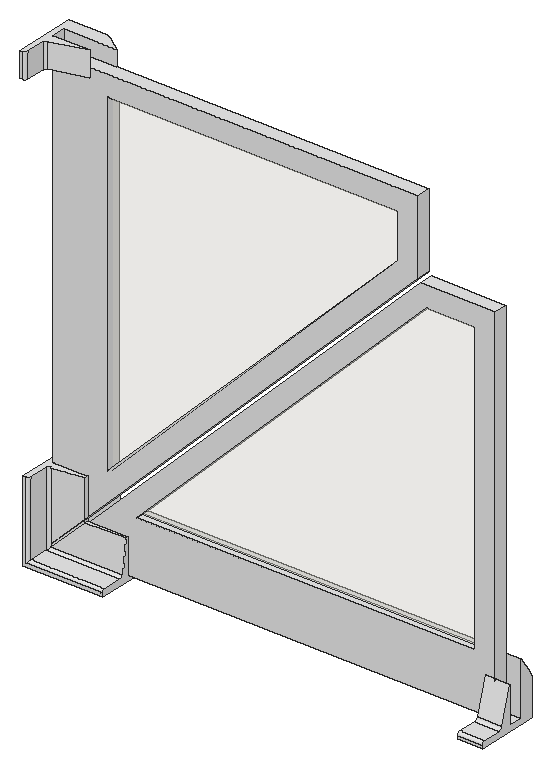
Revit family "Light_Shelf-Corner-Kawneer-InLighten", category Specialty Equipment, host Face, Revit 2015
Parameters (values of type "4mm Monolithic-Polycarbonate-Sheet Corner")
  URL = "http://www.kawneer.com/kawneer/north_america/en/home.asp"
  Type Comments = "4mm Monolithic Polycarbonate"
  Trim Finish = Aluminum Composite - Kawneer - Bone White
  Top Offset [instance] = 0' - 0"
  Top Finish [instance] = Polycarbonate - Kawneer - 4 mm - Ice
  Show Right Anchor [instance] = yes
  Show Top Anchor [instance] = yes
  Right Offset [instance] = 0' - 0"
  Product data url = "https://bimobject.com/kawneerna/product/04316"
  Product Page URL = "http://www.kawneer.com/kawneer/north_america/en/product.asp?cat_id=1463&prod_id=1852"
  Product Documentation Link = "http://www.kawneer.com/kawneer/north_america/catalog/pdf/InLighten__E--A.pdf"
  Panel Type = Shelf-Kawneer-4mm_Monolithic-Polycarbonate-Sheet_Corner : 4 mm
  Panel Finish = Polycarbonate - Kawneer - 4 mm - Ice
  OmniClass Title = "Curtain Wall Components"  # constant formula
  OmniClass Number = "23.25.20.14.11.11"  # constant formula
  Model = "InLighten"  # constant formula
  Manufacturer = "Kawneer "  # constant formula
  Description = "Light Shelf 90 Degree Corner"  # constant formula
  Depth [instance] = 2' - 6"
  Default Elevation = 4' - 0"
  Copyright © = "2012 Kawneer "  # constant formula
  CTRL Geometry [instance] = if(1 = 1, CTRL Depth + 0' 6" - 0' 0 1/8", CTRL Depth + 0' 6" - 0' 0 1/4")  # 2' - 11 7/16"
  CTRL Depth [instance] = if(Depth > 2' 6", 2' 6" - 0' 0 7/16", if(Depth < 0' 10", 0' 10" - 0' 0 7/16", Depth - 0' 0 7/16"))  # 2' - 5 9/16"
  Bracket Material = Aluminum Composite - Kawneer - Bone White
  Bottom Finish [instance] = Aluminum Composite - Kawneer - Bone White
Types (4): name | Type Comments | Top Finish | Panel Type | Panel Finish | Depth
  (no name) | "4 mm Reynobond ACM Panel" | Aluminum Composite - Kawneer - Bone White | Shelf-Kawneer-4mm_Reynobond-ACM Panel_Corner : 4 mm | Aluminum Composite - Kawneer - Bone White | 3' - 0"
  16mm Multi-Layer-Extruded-Polycarbonate-Sheet Corner | "16mm Multi Layer Extruded Polycarbonate" | Polycarbonate - Kawneer - 16 mm - Ice | Shelf-Kawneer-16mm_Multi-Layer-Extruded-Polycarbonate-Sheet_Corner : 16 mm | Polycarbonate - Kawneer - 16 mm - Ice | 2' - 6"
  4mm Reynobond-ACM Panel Corner | "4 mm Reynobond ACM Panel" | Aluminum Composite - Kawneer - Bone White | Shelf-Kawneer-4mm_Reynobond-ACM Panel_Corner : 4 mm | Aluminum Composite - Kawneer - Bone White | 3' - 0"
  4mm Monolithic-Polycarbonate-Sheet Corner | "4mm Monolithic Polycarbonate" | Polycarbonate - Kawneer - 4 mm - Ice | Shelf-Kawneer-4mm_Monolithic-Polycarbonate-Sheet_Corner : 4 mm | Polycarbonate - Kawneer - 4 mm - Ice | 2' - 6"
Reference planes (in)
  plane 1 "Center (Front/Back)": y = 0
  plane 2: z = 0
  plane 3 "Center (Left/Right)": x = 3.30772
  plane 4 "Bracket Bottom": z = 0
  plane 5 "Right": x = 39.18272
  plane 6 "Bottom of Panel": z = 0.4519
  plane 7 "Top": z = 35.8894
  plane 8 "CTRL Right Geometry": x = 39.18272
  plane 9 "CTRL Top Geometry": z = 35.8894
  plane 10 "Bottom of Top Panel": x = 3.74522
  plane 11 "Top of Right Panel": z = 30.0144
  plane 12 "Right of Top Panel": x = 33.30772
Dimensions and locks (in)
  locked: plane 4 "Bracket Bottom" to plane 2 at 0
  locked: plane 6 "Bottom of Panel" to plane 4 "Bracket Bottom" at 0.4519  (x2)
  "CTRL Geometry": plane 8 "CTRL Right Geometry" to plane 10 "Bottom of Top Panel"
  "Right Offset": plane 5 "Right" to plane 8 "CTRL Right Geometry"
  "Top Offset": plane 7 "Top" to plane 9 "CTRL Top Geometry"
  locked: plane 10 "Bottom of Top Panel" to plane 3 "Center (Left/Right)" at 0.4375
  "CTRL Geometry": plane 9 "CTRL Top Geometry" to plane 6 "Bottom of Panel"
  "CTRL Depth": plane 12 "Right of Top Panel" to plane 10 "Bottom of Top Panel"
  "CTRL Depth": plane 11 "Top of Right Panel" to plane 6 "Bottom of Panel"
  aligned and locked: plane 2 to host face
  aligned and locked: level to host face
  aligned: plane 5 "Right" to nested 1
  aligned: plane 1 "Center (Front/Back)" to nested 1
  aligned and locked: plane 4 "Bracket Bottom" to nested 1
  aligned and locked: plane 6 "Bottom of Panel" to nested 1
  aligned and locked: plane 1 "Center (Front/Back)" to nested 1
  aligned: nested 2 to plane 5 "Right"
  aligned: plane 1 "Center (Front/Back)" to nested 2
  aligned: plane 6 "Bottom of Panel" to nested 2  (x11)
  aligned: nested 2 to plane 3 "Center (Left/Right)"  (x2)
  aligned: plane 5 "Right" to nested 2  (x9)
  aligned: plane 7 "Top" to nested 2  (x9)
  aligned and locked: plane 1 "Center (Front/Back)" to nested 2
  aligned: nested 2 to plane 10 "Bottom of Top Panel"  (x12)
  aligned and locked: nested 3 to plane 3 "Center (Left/Right)"
  aligned: nested 3 to plane 7 "Top"
  aligned and locked: nested 3 to plane 1 "Center (Front/Back)"
  aligned and locked: plane 4 "Bracket Bottom" to nested 4
  aligned and locked: nested 4 to plane 3 "Center (Left/Right)"
  aligned and locked: plane 1 "Center (Front/Back)" to nested 4
  aligned and locked: plane 4 "Bracket Bottom" to plane 2
  aligned and locked: nested 3 to nested 2
  aligned and locked: nested 1 to nested 2
  aligned and locked: plane 6 "Bottom of Panel" to nested 2
  aligned and locked: nested 2 to plane 10 "Bottom of Top Panel"
Automatic sketch dimensions
  host sketch curve to host sketch curve = 8' - 0"  (x2)
Nested families (in)
  nested 1: "Bracket-Kawnee" at (39.80772, -0.875, 0), visible <- "Show Right Anchor", type "Single"
  nested 2: "Shelf-Kawneer-4mm_Monolithic-Polycarbonate-Sheet_Corner" at (18.87022, 0, 0.4519), Height <- "Depth", Top Offset <- "Top Offset", Right Offset <- "Right Offset", type <- "Panel Type", type "4 mm"
    with Top Offset 0' - 0", Right Offset 0' - 0", Max Top Offset 0' - 0", Max Right Offset 0' - 0", Height 2' - 6", CTRL Top Offset 2' - 10 5/32", CTRL Right Offset 2' - 10 5/32", CTRL Height 2' - 5 9/16", CTRL Geometry 3' - 0 1/16"
  nested 3: "Bracket-Kawnee" at (3.30772, -0.875, 36.5144) x (0, 0, 1) z (1, 0, 0), visible <- "Show Top Anchor", type "Single"
  nested 4: "Bracket-Kawnee_Corner" at (6.55772, -0.875, 0), type "5""
Definition of nested family "Bracket-Kawnee"
  Parameters
    Width = 0' - 5"
    Thickness = 0' - 2"
    Height = 2' - 6"
    Default Elevation = 4' - 0"
    Assembly Code = ""
    Anchor Material = none
  Reference planes (in)
    plane 1 "Center (Front/Back)": y = 0
    plane 2 "Original Bottom": z = 0
    plane 3 "Center (Left/Right)": x = 0
    plane 4 "Left": x = -1
    plane 5 "Right": x = 1
    plane 6 "Front": y = -2.5
    plane 7 "Back": y = 2.5
    plane 8 "Top of Anchor": z = 5
    plane 9 "Bottom": z = 0
    plane 10 "Symbolic Line": z = 3.3966
    plane 11 "Top of Anchor Bolts": z = 0.4519
    plane 12 "Right of Shelf": y = 1.432
    plane 13 "Left of Shelf": y = 0.318
    plane 14 "Front Symbolic Line": y = -0.50177
    plane 15 "Center of Blade": y = 0.875
    plane 16 "Top": z = 30
  Forms (in)
    Sweep 1, solid, material <- "Anchor Material", detail levels medium+fine
      path origin (1.5, 2.5, -0.04476) x (-1, 0, 0) y (0, 0, 1)
        loop
          line (0.5, 5.45984) -> (2.5, 5.45984)
      profile origin (0, 2.5, 5.41509) x (0, 0, -1) y (0, -1, 0)
        loop
          line (5.41509, 5) -> (5.21319, 5)
          arc (5.21319, 5) -> (5.03641, 4.92678) -> (4.96319, 4.75) r 0.25
          line (4.96319, 4.75) -> (4.96319, 4.42752) -> (4.96319, 3.32766) -> (4.96319, 3.25)
          arc (4.96319, 3.25) -> (4.90016, 3.08404) -> (4.74285, 3.00177) r 0.25
          line (4.74285, 3.00177) -> (2.01849, 2.182) -> (4.96319, 2.182) -> (4.96319, 1.068) -> (0.67391, 1.068) -> (2.02187, 0.15446)
          arc (2.02187, 0.15446) -> (2.2619, 0.03948) -> (2.52511, 0) r 0.897
          line (2.52511, 0) -> (5.41509, 0) -> (5.41509, 5)
  Lines and regions (in)
    Masking region 1
      outline origin (0, 2.5, 0) x (-1, 0, 0) y (0, 0, 1)
        loop
          line (-1, 5) -> (-1, 0) -> (1, 0) -> (1, 5) -> (-1, 5)
    Masking region 2
      outline origin (0, 0, 0) x (0, 1, 0) y (0, 0, 1)
        loop
          line (2.34554, 3.39321) -> (1.432, 4.74118) -> (1.432, 0.4519) -> (0.318, 0.4519) -> (0.318, 3.3966) -> (-0.50177, 0.67224)
          arc (-0.50177, 0.67224) -> (-0.58404, 0.51493) -> (-0.75, 0.4519) r 0.25
          line (-0.75, 0.4519) -> (-2.25, 0.4519)
          arc (-2.25, 0.4519) -> (-2.42678, 0.37867) -> (-2.5, 0.2019) r 0.25
          line (-2.5, 0.2019) -> (-2.5, 0) -> (2.5, 0) -> (2.5, 2.88998)
          arc (2.5, 2.88998) -> (2.46052, 3.15318) -> (2.34554, 3.39321) r 0.897
    Masking region 3
      outline origin (0, 0, 0) x (1, 0, 0) y (0, 1, 0)
        loop
          line (1, 2.5) -> (-1, 2.5) -> (-1, -2.5) -> (1, -2.5) -> (1, 2.5)
    symbolic lines, detail levels fine
      curve 1: line (-1, 2.5, 3.3966) -> (1, 2.5, 3.3966)
      curve 2: line (-1, 2.5, 0.4519) -> (1, 2.5, 0.4519)
      curve 3: line (-1, 1.432, 0) -> (1, 1.432, 0)
      curve 4: line (-1, 0.318, 0) -> (1, 0.318, 0)
      curve 5: line (-1, -0.50177, 0) -> (1, -0.50177, 0)
      curve 6: line (1, 0.318, 0.4519) -> (1, 1.432, 0.4519)
      curve 7: line (-1, 0.318, 0.4519) -> (-1, 1.432, 0.4519)
    model lines, detail levels coarse
      curve 8: line (1, 2.5, 0) -> (-1, 2.5, 0)
      curve 9: line (1, -2.5, 0) -> (1, 2.5, 0)
      curve 10: line (-1, -2.5, 0) -> (1, -2.5, 0)
      curve 11: line (-1, 2.5, 0) -> (-1, -2.5, 0)
  Dimensions and locks (in)
    "Thickness": plane 4 "Left" to plane 5 "Right"
    equal spacing: plane 5 "Right", plane 3 "Center (Left/Right)", plane 4 "Left"
    equal spacing: plane 6 "Front", plane 1 "Center (Front/Back)", plane 7 "Back"
    "Width": plane 6 "Front" to plane 7 "Back"
    locked: plane 11 "Top of Anchor Bolts" to plane 9 "Bottom" at 0.4519
    locked: plane 13 "Left of Shelf" to plane 12 "Right of Shelf" at 1.114
    equal spacing: plane 13 "Left of Shelf", plane 15 "Center of Blade", plane 12 "Right of Shelf"
    locked: plane 8 "Top of Anchor" to plane 10 "Symbolic Line" at 1.6034
    locked: plane 1 "Center (Front/Back)" to plane 13 "Left of Shelf" at 0.318
    locked: plane 8 "Top of Anchor" to plane 9 "Bottom" at 5
    "Height": plane 16 "Top" to plane 9 "Bottom"
    aligned: plane 9 "Bottom" to plane 2 "Original Bottom"
    aligned and locked: plane 9 "Bottom" to plane 2 "Original Bottom"
    aligned and locked: plane 5 "Right" to Sweep 1 sketch curve
    aligned and locked: plane 4 "Left" to Sweep 1 sketch curve
    aligned: plane 8 "Top of Anchor" to Sweep 1  (x2)
    aligned and locked: Sweep 1 sketch curve to plane 9 "Bottom"
    aligned and locked: Sweep 1 sketch curve to profile plane
    aligned and locked: Sweep 1 sketch curve to plane 6 "Front"
    aligned and locked: plane 8 "Top of Anchor" to Masking region 1 sketch curve
    aligned and locked: plane 5 "Right" to Masking region 1 sketch curve
    aligned and locked: plane 4 "Left" to Masking region 1 sketch curve
    aligned and locked: Masking region 1 sketch curve to plane 9 "Bottom"
    aligned and locked: curve 1 to plane 10 "Symbolic Line"
    aligned and locked: curve 2 to plane 11 "Top of Anchor Bolts"
    aligned and locked: Masking region 2 sketch curve to Sweep 1  (x6)
    aligned and locked: Masking region 3 sketch curve to plane 7 "Back"
    aligned and locked: Masking region 3 sketch curve to plane 6 "Front"
    aligned and locked: plane 5 "Right" to Masking region 3 sketch curve
    aligned and locked: plane 4 "Left" to Masking region 3 sketch curve
    aligned and locked: plane 14 "Front Symbolic Line" to curve 5
    aligned and locked: plane 13 "Left of Shelf" to curve 4
    aligned and locked: plane 12 "Right of Shelf" to curve 3
    aligned and locked: curve 6 to plane 11 "Top of Anchor Bolts"
    aligned and locked: curve 7 to plane 11 "Top of Anchor Bolts"
    aligned and locked: plane 11 "Top of Anchor Bolts" to Masking region 2 sketch curve
    aligned and locked: plane 12 "Right of Shelf" to Masking region 2 sketch curve
    aligned and locked: plane 11 "Top of Anchor Bolts" to Sweep 1 sketch curve
    aligned and locked: Sweep 1 sketch curve to plane 13 "Left of Shelf"
    aligned and locked: Sweep 1 sketch curve to plane 12 "Right of Shelf"
    aligned and locked: plane 4 "Left" to curve 11
    aligned and locked: curve 8 to plane 7 "Back"
    aligned and locked: plane 5 "Right" to curve 9
    aligned and locked: curve 10 to plane 6 "Front"
  Automatic sketch dimensions
    curve 1 to plane 5 "Right" = 0' - 0"
    curve 2 to plane 5 "Right" = 0' - 0"
    plane 4 "Left" to curve 2 = 0' - 0"
    plane 4 "Left" to curve 1 = 0' - 0"
    Sweep 1 sketch curve to plane 8 "Top of Anchor" = 0' - 0.41509"
    Masking region 2 sketch curve to plane 10 "Symbolic Line" = 0' - 0.00338"
    Masking region 2 sketch curve to plane 8 "Top of Anchor" = 0' - 0.25882"
    Sweep 1 sketch curve to Sweep 1 sketch curve = 0' - 0.4519"
    Sweep 1 sketch curve to Sweep 1 sketch curve = 0' - 0.22034"
    Sweep 1 sketch curve to Sweep 1 sketch curve = 0' - 0 1/4"
    Sweep 1 sketch curve to profile plane = 0' - 2.52511"
    plane 7 "Back" to Sweep 1 sketch curve = 0' - 0.15446"
    Sweep 1 sketch curve to Sweep 1 sketch curve = 0' - 0.50323"
    Sweep 1 sketch curve to Sweep 1 sketch curve = 0' - 0.50662"
    Sweep 1 sketch curve to profile plane = 0' - 0.67391"
    Sweep 1 sketch curve to Sweep 1 sketch curve = 0' - 0.2019"
    Sweep 1 sketch curve to Sweep 1 sketch curve = 0' - 0.81977"
    Sweep 1 sketch curve to Sweep 1 sketch curve = 0' - 0.07766"
    Sweep 1 sketch curve to Sweep 1 sketch curve = 0' - 0.32248"
    curve 6 to plane 13 "Left of Shelf" = 0' - 0"
    curve 7 to plane 13 "Left of Shelf" = 0' - 0"
    curve 6 to plane 12 "Right of Shelf" = 0' - 0"
    curve 7 to plane 12 "Right of Shelf" = 0' - 0"
Definition of nested family "Shelf-Kawneer-4mm_Monolithic-Polycarbonate-Sheet_Corner"
  Parameters
    Top Shelf Material = none
    Top Offset [instance] = 0' - 0"
    Right Offset [instance] = 0' - 0"
    Max Top Offset [instance] = if(Top Offset > 5' 0", 5' 0", Top Offset)  # 0' - 0"
    Thickness = 0' - 1 23/256"  # constant formula
    Shelf Casing Material = none
    Max Right Offset [instance] = if(Right Offset > 5' 0", 5' 0", Right Offset)  # 0' - 0"
    Height [instance] = 2' - 6"
    Shelf Thickness = 0' - 0 5/32"
    CTRL Top Offset [instance] = CTRL Geometry + Max Top Offset - 0' 1 29/32"  # 2' - 10 5/32"
    CTRL Right Offset [instance] = CTRL Geometry + Max Right Offset - 0' 1 29/32"  # 2' - 10 5/32"
    CTRL Geometry [instance] = CTRL Height + 0' 6 1/2"  # 3' - 0 1/16"
    Bottom Shelf Materials = none
    CTRL Height [instance] = if(Height > 2' 6", 2' 6" - 0' 0 7/16", if(Height < 0' 10", 0' 10" - 0' 0 7/16", Height - 0' 0 7/16"))  # 2' - 5 9/16"
  Reference planes (in)
    plane 1 "Center (Front/Back)": y = 0
    plane 2 "Original Bottom": z = 0
    plane 3 "Center (Left/Right)": x = 0
    plane 4 "Left 1": x = -15.125
    plane 5 "Right 1": x = 14.4375
    plane 6 "Front": y = -0.54492
    plane 7 "Back": y = 0.54492
    plane 8 "Left of Right Outrigger": x = 12.78125
    plane 9 "Right of Left Outrigger": x = -10.6875
    plane 10 "Front of Shelf": y = -0.07813
    plane 11 "Back of Shelf": y = 0.07812
    plane 12 "CTRL Angle": z = 29.7982
    plane 13 "CTRL offset": z = 30.48424
    plane 14 "Top of Right Panel": x = -14.8893
    plane 15: z = 4.4375
    plane 16 "Top of Bottom Panel": z = 29.5625
    plane 17: z = 0.2357
    plane 18 "CTRL Hinge Angle 1": z = 7.0262
    plane 19 "Front of Outrigger": x = 19.03125
    plane 20 "Right Of Bottom Panel": x = 20.6875
    plane 21 "Top": z = 35.8125
    plane 22 "Bottom of Outrigger": z = 34.15625
    plane 23 "CTRL Top Geometry": z = 36.0625
    plane 24 "CTRL Bottom Geometry": x = 20.9375
    plane 25 "Right of Offset": x = 20.9375
    plane 26 "Top Offset": z = 36.0625
    plane 27: x = 14.6732
    plane 28 "Right Angle Offset": x = 15.15967
    plane 29 "Bottom of Fascia": z = 27.92764
    plane 30 "Hinge Angle 2": x = -8.33048
  Forms (in)
    Extrusion 1, solid, material <- "Shelf Casing Material", detail levels medium+fine
      sketch origin (0, 0.54492, 0.2357) x (-1, 0, 0) y (0, 0, -1)
        loop
          line (15.125, -35.5768) -> (15.125, 0) -> (-14.4375, -29.5625) -> (-14.4375, -35.5768) -> (15.125, -35.5768)
        loop
          line (10.6875, -6.7905) -> (-12.78125, -30.25925) -> (-12.78125, -33.92055) -> (10.6875, -33.92055) -> (10.6875, -6.7905)
      from 0 to 1.08984
    Extrusion 2, solid, material <- "Top Shelf Material", detail levels medium+fine
      sketch origin (0, 0.54492, 0) x (-1, 0, 0) y (0, 0, -1)
        loop
          line (-12.78125, -30.48424) -> (-12.78125, -34.15625) -> (10.6875, -34.15625) -> (10.6875, -6.7905) -> (-12.78125, -30.48424)
      from 0.4668 to 0.62305
    Extrusion 3, solid, material <- "Shelf Casing Material", detail levels medium+fine
      sketch origin (-14.85951, 0.54492, 15.15479) x (0, 0, -1) y (1, 0, 0)
        loop
          line (15.15479, 35.54701) -> (-14.40771, 35.54701) -> (-14.40771, 29.53271) -> (15.15479, -0.02979) -> (15.15479, 35.54701)
        loop
          line (10.71729, 33.89076) -> (-12.77285, 33.89076) -> (-12.77285, 30.01917) -> (10.71729, 6.52903) -> (10.71729, 33.89076)
      from 0 to 1.08984
    Extrusion 4, solid, material <- "Top Shelf Material", detail levels medium+fine
      sketch origin (0, 0.54492, 0) x (-1, 0, 0) y (0, 0, -1)
        loop
          line (-15.15967, -27.92764) -> (8.33048, -4.4375) -> (-19.03125, -4.4375) -> (-19.03125, -27.92764) -> (-15.15967, -27.92764)
      from 0.4668 to 0.62305
  Lines and regions (in)
    Masking region 1
      outline origin (0, 0, 0) x (0, 1, 0) y (0, 0, 1)
        loop
          line (0.54492, 23.49349) -> (-0.54492, 23.49349) -> (-0.54492, 0) -> (0.54492, 0) -> (0.54492, 23.49349)
    Masking region 2
      outline origin (0, 0, 0) x (1, 0, 0) y (0, 1, 0)
        loop
          line (14.4375, 0.54492) -> (-15.125, 0.54492) -> (-15.125, -0.54492) -> (14.4375, -0.54492) -> (14.4375, 0.54492)
    Masking region 3
      outline origin (14.4375, 0, 0) x (0, -1, 0) y (0, 0, 1)
        loop
          line (-0.54492, 23.49349) -> (-0.54492, 0) -> (0.54492, 0) -> (0.54492, 23.49349) -> (-0.54492, 23.49349)
    Masking region 4, detail levels medium+fine
      outline origin (14.4375, 0, 0) x (0, -1, 0) y (0, 0, 1)
        loop
          line (-0.07812, 21.84649) -> (-0.07812, 1.0625) -> (0.07813, 1.0625) -> (0.07813, 21.84649) -> (-0.07812, 21.84649)
    Masking region 5
      outline origin (0, 0.54492, 0) x (-1, 0, 0) y (0, 0, 1)
        loop
          line (15.125, 35.8125) -> (-14.4375, 35.8125) -> (-14.4375, 29.7982) -> (15.125, 0) -> (15.125, 35.8125)
        loop
          line (-14.6732, 29.5625) -> (-20.6875, 29.5625) -> (-20.6875, 0) -> (14.8893, 0) -> (-14.6732, 29.5625)
    Masking region 6
      outline origin (0, 0, 0) x (1, 0, 0) y (0, 1, 0)
        loop
          line (20.6875, 0.54492) -> (-15.125, 0.54492) -> (-15.125, -0.54492) -> (20.6875, -0.54492) -> (20.6875, 0.54492)
    Masking region 7
      outline origin (0, 0, 35.8125) x (-1, 0, 0) y (0, -1, 0)
        loop
          line (-14.4375, -0.54492) -> (15.125, -0.54492) -> (15.125, 0.54492) -> (-14.4375, 0.54492) -> (-14.4375, -0.54492)
    Masking region 8
      outline origin (-15.125, 0, 0) x (0, -1, 0) y (0, 0, 1)
        loop
          line (-0.54492, 35.8125) -> (-0.54492, 0) -> (0.54492, 0) -> (0.54492, 35.8125) -> (-0.54492, 35.8125)
    Masking region 9
      outline origin (20.6875, 0, 0) x (0, -1, 0) y (0, 0, 1)
        loop
          line (-0.54492, 30.48424) -> (-0.54492, 0) -> (0.54492, 0) -> (0.54492, 30.48424) -> (-0.54492, 30.48424)
    symbolic lines
      curve 1: line (0, 0.54492, 23.49349) -> (0, -0.54492, 23.49349)
      curve 2: line (0, -0.54492, 23.49349) -> (0, -0.54492, 0)
      curve 3: line (0, -0.54492, 0) -> (0, 0.54492, 0)
      curve 4: line (0, 0.54492, 0) -> (0, 0.54492, 23.49349)
      curve 5: line (-15.125, 0.54492, 23.49349) -> (-15.125, -0.54492, 23.49349)
      curve 6: line (-15.125, -0.54492, 23.49349) -> (-15.125, -0.54492, 0)
      curve 7: line (-15.125, -0.54492, 0) -> (-15.125, 0.54492, 0)
      curve 8: line (-15.125, 0.54492, 0) -> (-15.125, 0.54492, 23.49349)
      curve 10: line (14.4375, 0.54492, 30) -> (-15.125, 0.54492, 30)
      curve 11: line (14.4375, -0.54492, 30) -> (14.4375, 0.54492, 30)
      curve 12: line (-15.125, -0.54492, 30) -> (14.4375, -0.54492, 30)
      curve 13: line (-15.125, 0.54492, 30) -> (-15.125, -0.54492, 30)
    symbolic lines, detail levels coarse
      curve 9: line (-15.125, 0, 15) -> (14.4375, 0, 15)
    symbolic lines, detail levels fine
      curve 14: line (14.4375, -0.54492, 21.84649) -> (14.4375, 0.54492, 21.84649)
      curve 15: line (14.4375, -0.54492, 1.0625) -> (14.4375, 0.54492, 1.0625)
      curve 88: line (-10.6875, 0.54492, 34.15625) -> (-15.125, 0.54492, 34.15625)
      curve 89: line (-10.6875, -0.54492, 34.15625) -> (-15.125, -0.54492, 34.15625)
      curve 90: line (12.78125, -0.54492, 34.15625) -> (14.4375, -0.54492, 35.8125)
      curve 91: line (12.78125, 0.54492, 34.15625) -> (14.4375, 0.54492, 35.8125)
      curve 92: line (12.78125, 0.54492, 30.48424) -> (14.4375, 0.54492, 29.7982)
      curve 93: line (12.78125, -0.54492, 30.48424) -> (14.4375, -0.54492, 29.7982)
      curve 94: line (-10.6875, -0.54492, 7.0262) -> (-15.125, -0.54492, 2.5887)
      curve 95: line (-10.6875, 0.54492, 7.0262) -> (-15.125, 0.54492, 2.5887)
      curve 96: line (-8.33048, 0.54492, 4.4375) -> (-12.76798, 0.54492, 0)
      curve 97: line (-8.33048, -0.54492, 4.4375) -> (-12.76798, -0.54492, 0)
      curve 98: line (19.03125, -0.54492, 4.4375) -> (19.03125, -0.54492, 0)
      curve 99: line (19.03125, 0.54492, 4.4375) -> (19.03125, 0.54492, 0.2357)
      curve 100: line (19.03125, 0.54492, 27.92764) -> (20.6875, 0.54492, 29.5625)
      curve 101: line (19.03125, -0.54492, 27.92764) -> (20.6875, -0.54492, 29.5625)
      curve 102: line (15.15967, 0.54492, 27.92764) -> (14.6732, 0.54492, 29.5625)
      curve 108: line (15.15967, -0.54492, 27.92764) -> (14.6732, -0.54492, 29.5625)
    symbolic lines, detail levels medium+fine
      curve 16: line (-10.6875, 0.54492, 34.15625) -> (12.78125, 0.54492, 34.15625)
      curve 17: line (-10.6875, 0.54492, 34.15625) -> (-10.6875, 0.54492, 7.0262)
      curve 18: line (12.78125, 0.54492, 34.15625) -> (12.78125, 0.54492, 30.49495)
      curve 19: line (12.78125, 0.54492, 30.49495) -> (-10.6875, 0.54492, 7.0262)
      curve 20: line (15.15967, 0.54492, 27.92764) -> (19.03125, 0.54492, 27.92764)
      curve 21: line (19.03125, 0.54492, 27.92764) -> (19.03125, 0.54492, 4.4375)
      curve 22: line (19.03125, 0.54492, 4.4375) -> (-8.33048, 0.54492, 4.4375)
      curve 23: line (15.15967, 0.54492, 27.92764) -> (-8.33048, 0.54492, 4.4375)
      curve 24: line (-10.6875, -0.54492, 34.15625) -> (12.78125, -0.54492, 34.15625)
      curve 25: line (12.78125, -0.54492, 34.15625) -> (12.78125, -0.54492, 30.48424)
      curve 26: line (-10.6875, -0.54492, 34.15625) -> (-10.6875, -0.54492, 7.0262)
      curve 27: line (-10.6875, -0.54492, 7.0262) -> (12.77551, -0.54492, 30.48922)
      curve 28: line (15.15967, -0.54492, 27.92764) -> (19.03125, -0.54492, 27.92764)
      curve 29: line (19.03125, -0.54492, 27.92764) -> (19.03125, -0.54492, 4.4375)
      curve 30: line (19.03125, -0.54492, 4.4375) -> (-8.33048, -0.54492, 4.4375)
      curve 107: line (15.15967, -0.54492, 27.92764) -> (-8.33048, -0.54492, 4.4375)
    model lines, detail levels coarse
      curve 31: line (-15.125, 0.54492, 35.8125) -> (14.4375, 0.54492, 35.8125)
      curve 32: line (14.4375, 0.54492, 35.8125) -> (14.4375, 0.54492, 29.7982)
      curve 33: line (-15.125, 0.54492, 35.8125) -> (-15.125, 0.54492, 0.2357)
      curve 34: line (-15.125, 0.54492, 0.2357) -> (14.4375, 0.54492, 29.7982)
      curve 35: line (-15.125, -0.54492, 35.8125) -> (14.4375, -0.54492, 35.8125)
      curve 36: line (14.4375, -0.54492, 35.8125) -> (14.4375, -0.54492, 29.7982)
      curve 37: line (-15.125, -0.54492, 35.8125) -> (-15.125, -0.54492, 0.2357)
      curve 38: line (-15.125, -0.54492, 0.2357) -> (14.4375, -0.54492, 29.7982)
      curve 39: line (-10.6875, 0.07812, 34.15625) -> (12.78125, 0.07812, 34.15625)
      curve 40: line (12.78125, 0.07812, 34.15625) -> (12.78125, 0.07812, 30.49495)
      curve 41: line (-10.6875, 0.07812, 34.15625) -> (-10.6875, 0.07812, 7.0262)
      curve 42: line (-10.6875, 0.07812, 7.0262) -> (12.78125, 0.07812, 30.49495)
      curve 43: line (-10.6875, -0.07813, 34.15625) -> (12.78125, -0.07813, 34.15625)
      curve 44: line (12.78125, -0.07813, 34.15625) -> (12.78125, -0.07813, 30.49495)
      curve 45: line (-10.6875, -0.07813, 34.15625) -> (-10.6875, -0.07813, 7.0262)
      curve 46: line (-10.6875, -0.07813, 7.0262) -> (12.78125, -0.07813, 30.49495)
      curve 47: line (15.7357, 0.54492, 29.5625) -> (20.6875, 0.54492, 29.5625)
      curve 48: line (20.6875, 0.54492, 29.5625) -> (20.6875, 0.54492, 0)
      curve 49: line (20.6875, 0.54492, 0) -> (-14.8893, 0.54492, 0)
      curve 50: line (14.6732, 0.54492, 29.5625) -> (-14.8893, 0.54492, 0)
      curve 51: line (15.7357, -0.54492, 29.5625) -> (20.6875, -0.54492, 29.5625)
      curve 52: line (20.6875, -0.54492, 29.5625) -> (20.6875, -0.54492, 0)
      curve 53: line (20.6875, -0.54492, 0) -> (-14.8893, -0.54492, 0)
      curve 54: line (14.6732, -0.54492, 29.5625) -> (-14.8893, -0.54492, 0)
      curve 55: line (15.15967, -0.07813, 27.92764) -> (19.03125, -0.07813, 27.92764)
      curve 56: line (19.03125, -0.07813, 27.92764) -> (19.03125, -0.07813, 4.4375)
      curve 57: line (19.03125, -0.07813, 4.4375) -> (-8.33048, -0.07813, 4.4375)
      curve 58: line (-8.33048, -0.07813, 4.4375) -> (15.15967, -0.07813, 27.92764)
      curve 59: line (15.15967, 0.07812, 27.92764) -> (19.03125, 0.07812, 27.92764)
      curve 60: line (19.03125, 0.07812, 27.92764) -> (19.03125, 0.07812, 4.4375)
      curve 61: line (19.03125, 0.07812, 4.4375) -> (-8.33048, 0.07812, 4.4375)
      curve 62: line (-8.33048, 0.07812, 4.4375) -> (15.15967, 0.07812, 27.92764)
      curve 63: line (20.6875, 0.54492, 0) -> (-14.8893, 0.54492, 0)
      curve 64: line (20.6875, -0.54492, 0) -> (20.6875, 0.54492, 0)
      curve 65: line (-14.8893, -0.54492, 0) -> (20.6875, -0.54492, 0)
      curve 66: line (-15.125, 0.54492, 0) -> (-15.125, -0.54492, 0)
      curve 67: line (20.6875, -0.54492, 29.5625) -> (20.6875, 0.54492, 29.5625)
      curve 68: line (14.4375, 0.54492, 35.8125) -> (-15.125, 0.54492, 35.8125)
      curve 69: line (14.4375, -0.54492, 35.8125) -> (14.4375, 0.54492, 35.8125)
      curve 70: line (-15.125, -0.54492, 35.8125) -> (14.4375, -0.54492, 35.8125)
      curve 71: line (-15.125, 0.54492, 35.8125) -> (-15.125, -0.54492, 35.8125)
      curve 103: line (14.6732, -0.54492, 29.5625) -> (20.6875, -0.54492, 29.5625)
      curve 104: line (20.6875, 0.54492, 29.5625) -> (14.6732, 0.54492, 29.5625)
    model lines, detail levels fine
      curve 72: line (12.78125, 0.07812, 30.49495) -> (14.44507, 0.07812, 29.80577)
      curve 73: line (12.78125, 0.54492, 30.48424) -> (14.4375, 0.54492, 29.7982)
      curve 74: line (12.78125, -0.54492, 30.48424) -> (14.4375, -0.54492, 29.7982)
      curve 75: line (12.78125, -0.54492, 34.15625) -> (14.4375, -0.54492, 35.8125)
      curve 76: line (12.78125, 0.54492, 34.15625) -> (14.4375, 0.54492, 35.8125)
      curve 77: line (-10.6875, 0.54492, 34.15625) -> (-15.125, 0.54492, 34.15625)
      curve 78: line (-10.6875, -0.54492, 34.15625) -> (-15.125, -0.54492, 34.15625)
      curve 79: line (-10.6875, -0.54492, 7.0262) -> (-15.125, -0.54492, 2.5887)
      curve 80: line (-10.6875, 0.54492, 7.0262) -> (-15.125, 0.54492, 2.5887)
      curve 81: line (-8.33048, 0.54492, 4.4375) -> (-12.76798, 0.54492, 0)
      curve 82: line (-8.33048, -0.54492, 4.4375) -> (-12.76798, -0.54492, 0)
      curve 83: line (19.03125, -0.54492, 27.92764) -> (20.6875, -0.54492, 29.5625)
      curve 84: line (19.03125, 0.54492, 27.92764) -> (20.6875, 0.54492, 29.5625)
      curve 85: line (15.15967, 0.54492, 27.92764) -> (14.6732, 0.54492, 29.5625)
      curve 86: line (19.03125, -0.54492, 4.4375) -> (19.03125, -0.54492, 0)
      curve 87: line (19.03125, 0.54492, 4.4375) -> (19.03125, 0.54492, 0.2357)
      curve 105: line (14.6732, -0.54492, 29.5625) -> (15.15967, -0.54492, 27.92764)
      curve 106: line (15.15967, -0.54492, 27.92764) -> (14.6732, -0.54492, 29.5625)
  Dimensions and locks (in)
    equal spacing: plane 6 "Front", plane 1 "Center (Front/Back)", plane 7 "Back"  (x2)
    "Thickness": plane 6 "Front" to plane 7 "Back"
    "Shelf Thickness": plane 10 "Front of Shelf" to plane 11 "Back of Shelf"
    equal spacing: plane 10 "Front of Shelf", plane 1 "Center (Front/Back)", plane 11 "Back of Shelf"
    locked: plane 5 "Right 1" to plane 8 "Left of Right Outrigger" at 1.65625
    "CTRL Height": plane 4 "Left 1" to plane 5 "Right 1"
    locked: plane 9 "Right of Left Outrigger" to plane 4 "Left 1" at 4.4375
    plane 13 "CTRL offset" to plane 12 "CTRL Angle" = 0' - 0.68604"
    locked: plane 4 "Left 1" to plane 14 "Top of Right Panel" at 0.2357
    locked: plane 15 to plane 2 "Original Bottom" at 4.4375
    "CTRL Height": plane 12 "CTRL Angle" to plane 17
    "CTRL Height": plane 16 "Top of Bottom Panel" to plane 2 "Original Bottom"
    locked: plane 18 "CTRL Hinge Angle 1" to plane 17 at 6.7905
    locked: plane 17 to plane 2 "Original Bottom" at 0.2357
    "CTRL Geometry": plane 4 "Left 1" to plane 24 "CTRL Bottom Geometry"
    "CTRL Geometry": plane 23 "CTRL Top Geometry" to plane 2 "Original Bottom"
    "CTRL Right Offset": plane 19 "Front of Outrigger" to plane 4 "Left 1"
    locked: plane 25 "Right of Offset" to plane 20 "Right Of Bottom Panel" at 0.25
    "Max Right Offset": plane 25 "Right of Offset" to plane 24 "CTRL Bottom Geometry"
    "CTRL Top Offset": plane 22 "Bottom of Outrigger" to plane 2 "Original Bottom"
    locked: plane 26 "Top Offset" to plane 21 "Top" at 0.25
    "Max Top Offset": plane 26 "Top Offset" to plane 23 "CTRL Top Geometry"
    "CTRL Height": plane 27 to plane 14 "Top of Right Panel"
    locked: plane 28 "Right Angle Offset" to plane 27 at 0.48646
    locked: plane 16 "Top of Bottom Panel" to plane 29 "Bottom of Fascia" at 1.63486
    locked: plane 30 "Hinge Angle 2" to plane 4 "Left 1" at 6.79452
    angle plane 15 to Extrusion 3 sketch curve = 45.00°
    aligned and locked: curve 1 to Masking region 1
    aligned and locked: curve 2 to Masking region 1
    aligned and locked: curve 3 to Masking region 1
    aligned and locked: curve 4 to Masking region 1
    aligned and locked: curve 5 to curve 1
    aligned and locked: curve 6 to curve 2
    aligned and locked: curve 7 to curve 3
    aligned and locked: curve 8 to curve 4
    aligned and locked: plane 1 "Center (Front/Back)" to curve 9
    aligned and locked: plane 5 "Right 1" to Masking region 2 sketch curve
    aligned and locked: plane 4 "Left 1" to Masking region 2 sketch curve
    aligned and locked: Masking region 2 sketch curve to plane 7 "Back"
    aligned and locked: Masking region 2 sketch curve to plane 6 "Front"
    aligned and locked: plane 5 "Right 1" to curve 11
    aligned and locked: plane 4 "Left 1" to curve 13
    aligned and locked: curve 10 to plane 7 "Back"
    aligned and locked: plane 2 "Original Bottom" to Masking region 3 sketch curve
    aligned and locked: plane 7 "Back" to Masking region 3 sketch curve
    aligned and locked: plane 6 "Front" to Masking region 3 sketch curve
    aligned and locked: Masking region 4 sketch curve to plane 11 "Back of Shelf"
    aligned and locked: plane 10 "Front of Shelf" to Masking region 4 sketch curve
    aligned and locked: Extrusion 1 sketch curve to plane 5 "Right 1"
    aligned and locked: plane 4 "Left 1" to Extrusion 1 sketch curve  (x2)
    aligned and locked: plane 5 "Right 1" to Extrusion 1 sketch curve
    aligned and locked: Extrusion 1 sketch curve to plane 8 "Left of Right Outrigger"
    aligned and locked: Extrusion 1 sketch curve to plane 9 "Right of Left Outrigger"
    aligned and locked: plane 8 "Left of Right Outrigger" to Extrusion 1 sketch curve
    aligned and locked: plane 9 "Right of Left Outrigger" to Extrusion 1 sketch curve
    aligned and locked: Extrusion 2 sketch curve to plane 8 "Left of Right Outrigger"
    aligned and locked: plane 9 "Right of Left Outrigger" to Extrusion 2 sketch curve  (x2)
    aligned and locked: plane 13 "CTRL offset" to Extrusion 2 sketch curve
    aligned and locked: plane 8 "Left of Right Outrigger" to Extrusion 2 sketch curve
    aligned and locked: Extrusion 2 to plane 10 "Front of Shelf"
    aligned: plane 11 "Back of Shelf" to Extrusion 2  (x2)
    aligned and locked: Extrusion 1 to plane 7 "Back"
    aligned and locked: Extrusion 1 to plane 6 "Front"
    aligned and locked: plane 2 "Original Bottom" to Extrusion 3 sketch curve  (x2)
    aligned and locked: plane 14 "Top of Right Panel" to Extrusion 3 sketch curve
    aligned and locked: plane 15 to Extrusion 3 sketch curve
    aligned and locked: plane 17 to Extrusion 1 sketch curve
    aligned and locked: plane 16 "Top of Bottom Panel" to Extrusion 3 sketch curve
    aligned and locked: plane 18 "CTRL Hinge Angle 1" to Extrusion 1 sketch curve
    aligned and locked: plane 20 "Right Of Bottom Panel" to Extrusion 3 sketch curve
    aligned and locked: plane 19 "Front of Outrigger" to Extrusion 3 sketch curve
    aligned and locked: Extrusion 1 sketch curve to plane 21 "Top"
    aligned and locked: Extrusion 1 sketch curve to plane 22 "Bottom of Outrigger"
    aligned and locked: plane 22 "Bottom of Outrigger" to Extrusion 2
    aligned and locked: plane 15 to Extrusion 4 sketch curve  (x2)
    aligned and locked: Extrusion 4 sketch curve to plane 19 "Front of Outrigger"
    aligned: Extrusion 4 to plane 1 "Center (Front/Back)"  (x2)
    aligned and locked: Extrusion 4 to plane 10 "Front of Shelf"
    aligned and locked: Extrusion 3 to plane 6 "Front"
    aligned and locked: Extrusion 3 to plane 7 "Back"
    aligned: Extrusion 2 to plane 1 "Center (Front/Back)"  (x2)
    aligned and locked: Masking region 5 sketch curve to plane 21 "Top"
    aligned and locked: Masking region 5 sketch curve to plane 4 "Left 1"
    aligned and locked: Masking region 5 sketch curve to plane 5 "Right 1"
    aligned and locked: Masking region 5 sketch curve to plane 20 "Right Of Bottom Panel"
    aligned and locked: plane 2 "Original Bottom" to Masking region 5 sketch curve
    aligned: Masking region 5 to Extrusion 3
    aligned: Masking region 5 to Extrusion 1
    aligned and locked: curve 18 to plane 8 "Left of Right Outrigger"
    aligned and locked: curve 16 to plane 22 "Bottom of Outrigger"
    aligned and locked: curve 17 to plane 9 "Right of Left Outrigger"
    aligned and locked: curve 26 to plane 9 "Right of Left Outrigger"
    aligned and locked: curve 24 to plane 22 "Bottom of Outrigger"
    aligned and locked: curve 25 to plane 8 "Left of Right Outrigger"
    aligned and locked: curve 29 to plane 19 "Front of Outrigger"
    aligned and locked: plane 15 to curve 30
    aligned and locked: plane 4 "Left 1" to curve 33
    aligned and locked: curve 31 to plane 21 "Top"
    aligned and locked: curve 32 to plane 5 "Right 1"
    aligned and locked: curve 36 to plane 5 "Right 1"
    aligned and locked: plane 4 "Left 1" to curve 37
    aligned and locked: curve 35 to plane 21 "Top"
    aligned and locked: curve 40 to plane 8 "Left of Right Outrigger"
    aligned and locked: curve 39 to plane 22 "Bottom of Outrigger"
    aligned and locked: curve 41 to plane 9 "Right of Left Outrigger"
    aligned and locked: curve 45 to plane 9 "Right of Left Outrigger"
    aligned and locked: curve 43 to plane 22 "Bottom of Outrigger"
    aligned and locked: curve 44 to plane 8 "Left of Right Outrigger"
    aligned and locked: plane 2 "Original Bottom" to curve 49
    aligned and locked: curve 48 to plane 20 "Right Of Bottom Panel"
    aligned and locked: curve 47 to plane 16 "Top of Bottom Panel"
    aligned and locked: curve 54 to curve 50
    aligned and locked: plane 2 "Original Bottom" to curve 53
    aligned and locked: curve 52 to plane 20 "Right Of Bottom Panel"
    aligned and locked: curve 51 to plane 16 "Top of Bottom Panel"
    aligned and locked: plane 15 to curve 61
    aligned and locked: curve 60 to plane 19 "Front of Outrigger"
    aligned and locked: plane 20 "Right Of Bottom Panel" to curve 64
    aligned and locked: plane 4 "Left 1" to curve 66
    aligned and locked: curve 65 to plane 6 "Front"
    aligned and locked: curve 63 to plane 7 "Back"
    aligned and locked: plane 20 "Right Of Bottom Panel" to curve 67
    aligned and locked: plane 4 "Left 1" to Masking region 6 sketch curve
    aligned and locked: plane 20 "Right Of Bottom Panel" to Masking region 6 sketch curve
    aligned and locked: Masking region 6 sketch curve to plane 6 "Front"
    aligned and locked: Masking region 6 sketch curve to plane 7 "Back"
    aligned and locked: plane 4 "Left 1" to Masking region 7 sketch curve
    aligned and locked: plane 5 "Right 1" to Masking region 7 sketch curve
    aligned and locked: Masking region 7 sketch curve to plane 6 "Front"
    aligned and locked: Masking region 7 sketch curve to plane 7 "Back"
    aligned and locked: Masking region 8 sketch curve to plane 2 "Original Bottom"
    aligned and locked: Masking region 8 sketch curve to plane 7 "Back"
    aligned and locked: Masking region 8 sketch curve to plane 6 "Front"
    aligned and locked: plane 21 "Top" to Masking region 8 sketch curve
    aligned and locked: plane 13 "CTRL offset" to Masking region 9 sketch curve
    aligned and locked: Masking region 9 sketch curve to plane 2 "Original Bottom"
    aligned and locked: Masking region 9 sketch curve to plane 7 "Back"
    aligned and locked: Masking region 9 sketch curve to plane 6 "Front"
    aligned and locked: Masking region 5 to plane 16 "Top of Bottom Panel"
    aligned and locked: plane 16 "Top of Bottom Panel" to Masking region 5 sketch curve
    aligned: plane 11 "Back of Shelf" to Extrusion 4
    aligned and locked: plane 27 to Extrusion 3 sketch curve
    aligned and locked: Extrusion 3 sketch curve to plane 29 "Bottom of Fascia"
    aligned and locked: plane 28 "Right Angle Offset" to Extrusion 3 sketch curve
    aligned and locked: plane 29 "Bottom of Fascia" to Extrusion 4
    aligned and locked: curve 20 to plane 29 "Bottom of Fascia"
    aligned and locked: curve 55 to plane 29 "Bottom of Fascia"
    aligned and locked: Extrusion 4 sketch curve to Extrusion 3
    aligned and locked: Extrusion 4 sketch curve to plane 29 "Bottom of Fascia"
    aligned and locked: curve 59 to plane 29 "Bottom of Fascia"
    aligned and locked: curve 97 to curve 96
    aligned and locked: plane 11 "Back of Shelf" to Extrusion 4
    aligned and locked: curve 107 to Extrusion 3
    aligned and locked: curve 108 to curve 102
  Automatic sketch dimensions
    Masking region 1 sketch curve to plane 6 "Front" = 0' - 0"
    Masking region 1 sketch curve to level = 0' - 0"
    Masking region 1 sketch curve to plane 7 "Back" = 0' - 0"
    curve 14 to plane 7 "Back" = 0' - 0"
    curve 15 to plane 7 "Back" = 0' - 0"
    curve 15 to plane 6 "Front" = 0' - 0"
    curve 14 to plane 6 "Front" = 0' - 0"
    curve 15 to plane 17 = 0' - 0.8268"
    curve 9 to plane 4 "Left 1" = 0' - 0"
    curve 9 to plane 5 "Right 1" = 0' - 0"
    curve 12 to plane 6 "Front" = 0' - 0"
    plane 17 to Masking region 4 sketch curve = 0' - 0.8268"
    Extrusion 1 sketch curve to plane 12 "CTRL Angle" = 0' - 0"
    Extrusion 1 sketch curve to plane 13 "CTRL offset" = 0' - 0.01071"
    Extrusion 2 sketch curve to plane 22 "Bottom of Outrigger" = 0' - 0"
    plane 18 "CTRL Hinge Angle 1" to Extrusion 2 sketch curve = 0' - 0.2357"
    Masking region 5 sketch curve to plane 27 = 0' - 0"
    plane 14 "Top of Right Panel" to Masking region 5 sketch curve = 0' - 0"
    Masking region 5 sketch curve to level = 0' - 0"
    Masking region 5 sketch curve to plane 12 "CTRL Angle" = 0' - 0"
    curve 65 to plane 14 "Top of Right Panel" = 0' - 0"
    curve 63 to plane 14 "Top of Right Panel" = 0' - 0"
    curve 66 to plane 6 "Front" = 0' - 0"
    plane 7 "Back" to curve 66 = 0' - 0"
    plane 7 "Back" to curve 104 = 0' - 0"
    curve 104 to plane 27 = 0' - 0"
    curve 103 to plane 6 "Front" = 0' - 0"
    curve 103 to plane 27 = 0' - 0"
    curve 70 to plane 5 "Right 1" = 0' - 0"
    curve 70 to plane 4 "Left 1" = 0' - 0"
    plane 7 "Back" to curve 68 = 0' - 0"
    curve 70 to plane 6 "Front" = 0' - 0"
    Masking region 1 sketch curve to plane 29 "Bottom of Fascia" = 0' - 4.43415"
    plane 29 "Bottom of Fascia" to curve 14 = 0' - 6.08115"
    Masking region 3 sketch curve to plane 29 "Bottom of Fascia" = 0' - 4.43415"
    Masking region 4 sketch curve to plane 29 "Bottom of Fascia" = 0' - 6.08115"
    curve 57 to plane 15 = 0' - 0"
    curve 57 to plane 19 "Front of Outrigger" = 0' - 0"
    curve 45 to plane 18 "CTRL Hinge Angle 1" = 0' - 0"
    plane 13 "CTRL offset" to curve 44 = 0' - 0.01071"
    Extrusion 3 sketch curve to plane 30 "Hinge Angle 2" = 0' - 0"
    curve 55 to plane 28 "Right Angle Offset" = 0' - 0"
    curve 57 to plane 30 "Hinge Angle 2" = 0' - 0"
    curve 37 to plane 17 = 0' - 0"
    curve 94 to plane 18 "CTRL Hinge Angle 1" = 0' - 0"
    curve 74 to plane 12 "CTRL Angle" = 0' - 0"
    curve 93 to plane 13 "CTRL offset" = 0' - 0"
    plane 28 "Right Angle Offset" to curve 51 = 0' - 0.57604"
    curve 27 to plane 8 "Left of Right Outrigger" = 0' - 0.00574"
    curve 82 to curve 97 = 0' - 0"
    curve 94 to plane 15 = 0' - 1.8488"
    curve 79 to curve 94 = 0' - 0"
    plane 13 "CTRL offset" to curve 27 = 0' - 0.00497"
    curve 100 to plane 19 "Front of Outrigger" = 0' - 0"
    curve 102 to plane 28 "Right Angle Offset" = 0' - 0"
    curve 102 to plane 16 "Top of Bottom Panel" = 0' - 0"
    curve 102 to plane 27 = 0' - 0"
    curve 73 to plane 8 "Left of Right Outrigger" = 0' - 0"
    curve 81 to plane 15 = 0' - 0"
    curve 81 to plane 30 "Hinge Angle 2" = 0' - 0"
    plane 14 "Top of Right Panel" to curve 50 = 0' - 0"
    curve 87 to plane 17 = 0' - 0"
    curve 33 to plane 17 = 0' - 0"
    curve 19 to plane 18 "CTRL Hinge Angle 1" = 0' - 0"
    curve 92 to plane 12 "CTRL Angle" = 0' - 0"
    curve 73 to plane 13 "CTRL offset" = 0' - 0"
    curve 47 to plane 28 "Right Angle Offset" = 0' - 0.57604"
    plane 9 "Right of Left Outrigger" to curve 96 = 0' - 2.08048"
    curve 81 to curve 96 = 0' - 0"
    plane 15 to curve 95 = 0' - 1.8488"
    curve 80 to curve 95 = 0' - 0"
    curve 73 to curve 19 = 0' - 0.01071"
    curve 59 to plane 28 "Right Angle Offset" = 0' - 0"
    curve 61 to plane 30 "Hinge Angle 2" = 0' - 0"
    curve 42 to plane 18 "CTRL Hinge Angle 1" = 0' - 0"
    plane 5 "Right 1" to curve 72 = 0' - 0.00757"
    plane 12 "CTRL Angle" to curve 72 = 0' - 0.00757"
    plane 13 "CTRL offset" to curve 72 = 0' - 0.01071"
Definition of nested family "Bracket-Kawnee_Corner"
  Parameters
    Width = 0' - 4 1/2"
    Thickness = 0' - 2"
    Height = 2' - 6"
    Default Elevation = 4' - 0"
    Assembly Code = ""
    Anchor Material = none
  Reference planes (in)
    plane 1 "Center (Front/Back)": y = 0
    plane 2 "Original Bottom": z = 0
    plane 3 "Center (Left/Right)": x = 0
    plane 4 "Left": x = -3.25
    plane 5 "Right": x = 3.25
    plane 6 "Front": y = -2.25
    plane 7 "Back": y = 2.25
    plane 8 "Top of Anchor": z = 6.5
    plane 9 "Bottom": z = 0
    plane 10 "Symbolic Line": z = 4.8966
    plane 11 "Right of Shelf": y = 1.432
    plane 12 "Left of Shelf": y = 0.318
    plane 13 "Front Symbolic Line": y = -0.50177
    plane 14 "Center of Blade": y = 0.875
    plane 15 "Top": z = 30
    plane 16: x = 1.625
    plane 17: z = 3.25
    plane 18 "Top of Bottom Anchor": z = 2.57609
    plane 19: x = -0.67391
    plane 20 "Center Front Back Symbolic Line": z = 1.23151
    plane 21 "Center Left Right Symbolic Line": x = -2.01849
    plane 22 "Top of Anchor Bolts": z = 0.4375
    plane 23 "Left Symbolic Line": x = -2.8125
  Forms (in)
    Sweep 1, solid, material <- "Anchor Material", detail levels medium+fine
      path origin (1.5, 2.25, -0.04476) x (-1, 0, 0) y (0, 0, 1)
        loop
          line (-1.75, 3.29476) -> (1.5, 3.29476) -> (1.5, 6.54476)
      profile origin (1.625, 2.25, 3.25) x (0, 0, -1) y (0, -1, 0)
        loop
          line (3.25, 4.5) -> (2.97846, 4.5)
          arc (2.97846, 4.5) -> (2.81029, 4.42239) -> (2.74168, 4.25035) r 0.25
          line (2.74168, 4.25035) -> (2.74168, 2.7375)
          arc (2.74168, 2.7375) -> (2.67865, 2.57154) -> (2.52134, 2.48926) r 0.25
          line (2.52134, 2.48926) -> (0, 2.18803) -> (0, 1.932) -> (2.74168, 1.932) -> (2.74168, 0.818) -> (-1.67271, 0.818) -> (-0.15216, 0.15508)
          arc (-0.15216, 0.15508) -> (0.08803, 0.0399) -> (0.35146, 0.00035) r 0.897
          line (0.35146, 0.00035) -> (3.25, 0.00035) -> (3.25, 4.5)
  Lines and regions (in)
    Masking region 1
      outline origin (0, 0, 0) x (1, 0, 0) y (0, 1, 0)
        loop
          line (3.25, 2.25) -> (-3.25, 2.25) -> (-3.25, -2.25) -> (3.25, -2.25) -> (3.25, 2.25)
    Masking region 2
      outline origin (15.59269, 0, 9.58004) x (1, 0, 0) y (0, 0, 1)
        loop
          line (-18.84269, -3.08004) -> (-18.84269, -9.58004) -> (-12.34269, -9.58004) -> (-12.34269, -4.68345) -> (-13.96769, -4.68345) -> (-13.96769, -3.08004) -> (-18.84269, -3.08004)
    Masking region 3
      outline origin (0, 0, 0) x (0, 1, 0) y (0, 0, 1)
        loop
          line (2.25, 6.5) -> (-2.25, 6.5) -> (-2.25, 0) -> (2.25, 0) -> (2.25, 6.5)
    symbolic lines, detail levels fine
      curve 1: line (-2.8125, 2.25, 0.4375) -> (3.25, 2.25, 0.4375)
      curve 2: line (-3.25, 1.432, 0) -> (3.25, 1.432, 0)
      curve 3: line (-3.25, 0.318, 0) -> (3.25, 0.318, 0)
      curve 4: line (-3.25, -0.50177, 0) -> (3.25, -0.50177, 0)
      curve 5: line (3.25, 0.318, 0.4519) -> (3.25, 1.432, 0.4519)
      curve 6: line (-3.25, 0.318, 0.4519) -> (-3.25, 1.432, 0.4519)
      curve 11: line (-2.8125, -2.25, 0.4375) -> (-2.8125, -2.25, 6.5)
      curve 12: line (3.25, -2.25, 3.25) -> (0, -2.25, 3.25)
      curve 13: line (0, -2.25, 3.25) -> (0, -2.25, 6.50321)
      curve 14: line (3.25, 0.318, 0) -> (-2.95331, 0.318, 0)
      curve 15: line (-2.74168, 0.318, 30) -> (-2.74168, 1.432, 30)
      curve 16: line (3.25, 0.318, 30) -> (-2.74168, 0.318, 30)
      curve 17: line (-2.74168, 1.432, 30) -> (3.25, 1.432, 30)
    model lines, detail levels coarse
      curve 7: line (3.25, 2.25, 0) -> (-3.25, 2.25, 0)
      curve 8: line (3.25, -2.25, 0) -> (3.25, 2.25, 0)
      curve 9: line (-3.25, -2.25, 0) -> (3.25, -2.25, 0)
      curve 10: line (-3.25, 2.25, 0) -> (-3.25, -2.25, 0)
    symbolic lines, detail levels medium+fine
      curve 18: line (0.15216, 2.09492, 30) -> (3.25, 2.09492, 30)
      curve 19: line (1.67271, 1.432, 30) -> (0.15216, 2.09492, 30)
      curve 20: arc (-0.35146, 2.24965, 30) -> (-0.08803, 2.2101, 30) -> (0.15216, 2.09492, 30) r 0.897
      curve 21: line (-2.74168, -2.00035, 30) -> (-2.74168, -0.4875, 30)
      curve 22: arc (-2.73297, -0.42208, 30) -> (-2.73949, -0.4545, 30) -> (-2.74168, -0.4875, 30) r 0.25
      curve 23: line (-2.73297, -0.42208, 30) -> (0, 0.06197, 30)
      curve 24: line (3.25, 0.06197, 30) -> (0, 0.06197, 30)
      curve 25: line (-3.25, 0.318, 30) -> (3.25, 0.318, 30)
      curve 26: line (-3.25, 1.432, 30) -> (3.25, 1.432, 30)
  Dimensions and locks (in)
    equal spacing: plane 6 "Front", plane 1 "Center (Front/Back)", plane 7 "Back"
    "Width": plane 6 "Front" to plane 7 "Back"
    locked: plane 12 "Left of Shelf" to plane 11 "Right of Shelf" at 1.114
    equal spacing: plane 12 "Left of Shelf", plane 14 "Center of Blade", plane 11 "Right of Shelf"
    locked: plane 8 "Top of Anchor" to plane 10 "Symbolic Line" at 1.6034
    locked: plane 1 "Center (Front/Back)" to plane 12 "Left of Shelf" at 0.318
    plane 8 "Top of Anchor" to plane 9 "Bottom" = 0' - 6 1/2"
    "Height": plane 15 "Top" to plane 9 "Bottom"
    locked: plane 5 "Right" to plane 4 "Left" at 6.5
    equal spacing: plane 5 "Right", plane 3 "Center (Left/Right)", plane 4 "Left"
    equal spacing: plane 5 "Right", plane 16, plane 3 "Center (Left/Right)"
    equal spacing: plane 8 "Top of Anchor", plane 17, plane 9 "Bottom"
    plane 8 "Top of Anchor" to plane 2 "Original Bottom" = 0' - 6 1/2"
    locked: plane 18 "Top of Bottom Anchor" to plane 9 "Bottom" at 2.57609
    locked: plane 19 to plane 4 "Left" at 2.57609
    locked: plane 22 "Top of Anchor Bolts" to plane 9 "Bottom" at 0.4375
    locked: plane 23 "Left Symbolic Line" to plane 4 "Left" at 0.4375
    aligned: plane 9 "Bottom" to plane 2 "Original Bottom"
    aligned and locked: plane 9 "Bottom" to plane 2 "Original Bottom"
    aligned and locked: plane 5 "Right" to Sweep 1 sketch curve
    aligned: plane 8 "Top of Anchor" to Sweep 1  (x2)
    aligned and locked: Sweep 1 sketch curve to plane 9 "Bottom"
    aligned and locked: Sweep 1 sketch curve to plane 6 "Front"
    aligned and locked: Masking region 1 sketch curve to plane 7 "Back"
    aligned and locked: Masking region 1 sketch curve to plane 6 "Front"
    aligned and locked: plane 5 "Right" to Masking region 1 sketch curve
    aligned and locked: plane 4 "Left" to Masking region 1 sketch curve
    aligned and locked: plane 13 "Front Symbolic Line" to curve 4
    aligned and locked: plane 12 "Left of Shelf" to curve 3
    aligned and locked: plane 11 "Right of Shelf" to curve 2
    aligned and locked: plane 4 "Left" to curve 10
    aligned and locked: curve 7 to plane 7 "Back"
    aligned and locked: plane 5 "Right" to curve 8
    aligned and locked: curve 9 to plane 6 "Front"
    aligned and locked: plane 3 "Center (Left/Right)" to Sweep 1 sketch curve
    aligned and locked: plane 17 to Sweep 1 sketch curve
    aligned and locked: plane 9 "Bottom" to Masking region 2 sketch curve
    aligned and locked: Masking region 2 sketch curve to plane 4 "Left"
    aligned and locked: Masking region 2 sketch curve to plane 8 "Top of Anchor"
    aligned and locked: Masking region 2 sketch curve to plane 5 "Right"
    aligned and locked: Sweep 1 sketch curve to plane 12 "Left of Shelf"
    aligned and locked: profile plane to Sweep 1 sketch curve
    aligned and locked: Masking region 2 sketch curve to plane 16
    aligned and locked: Masking region 2 sketch curve to plane 10 "Symbolic Line"
    aligned and locked: plane 17 to curve 12
    aligned and locked: plane 3 "Center (Left/Right)" to curve 13
    aligned and locked: plane 8 "Top of Anchor" to Masking region 3 sketch curve
    aligned and locked: Masking region 3 sketch curve to plane 7 "Back"
    aligned and locked: Masking region 3 sketch curve to plane 9 "Bottom"
    aligned and locked: Masking region 3 sketch curve to plane 6 "Front"
    aligned and locked: curve 15 to Sweep 1
    aligned and locked: curve 16 to Sweep 1
    aligned and locked: curve 17 to Sweep 1
    aligned and locked: curve 18 to Sweep 1
    aligned and locked: curve 19 to Sweep 1
    aligned and locked: curve 20 to Sweep 1
    aligned and locked: curve 21 to Sweep 1
    aligned and locked: curve 22 to Sweep 1
    aligned and locked: curve 24 to Sweep 1
    aligned and locked: curve 25 to curve 3
    aligned and locked: curve 26 to curve 2
    aligned and locked: curve 1 to plane 22 "Top of Anchor Bolts"
    aligned and locked: plane 23 "Left Symbolic Line" to curve 11
  Automatic sketch dimensions
    curve 5 to plane 12 "Left of Shelf" = 0' - 0"
    curve 6 to plane 12 "Left of Shelf" = 0' - 0"
    curve 5 to plane 11 "Right of Shelf" = 0' - 0"
    curve 6 to plane 11 "Right of Shelf" = 0' - 0"
    Sweep 1 sketch curve to plane 8 "Top of Anchor" = 0' - 0"
    profile plane to Sweep 1 sketch curve = 0' - 0.15216"
    plane 7 "Back" to Sweep 1 sketch curve = 0' - 0.00035"
    Sweep 1 sketch curve to profile plane = 0' - 0.35146"
    Sweep 1 sketch curve to Sweep 1 sketch curve = 0' - 0 1/4"  (x2)
    Sweep 1 sketch curve to Sweep 1 sketch curve = 0' - 0.02966"
    Sweep 1 sketch curve to Sweep 1 sketch curve = 0' - 0.27154"
    Sweep 1 sketch curve to Sweep 1 sketch curve = 0' - 0.01322"
    plane 7 "Back" to Sweep 1 sketch curve = 0' - 0.15508"
    Sweep 1 sketch curve to Sweep 1 sketch curve = 0' - 0.25603"
    Sweep 1 sketch curve to Sweep 1 sketch curve = 0' - 0.55726"
    Sweep 1 sketch curve to Sweep 1 sketch curve = 0' - 1.52055"
    plane 7 "Back" to Sweep 1 sketch curve = 0' - 0.818"
    plane 12 "Left of Shelf" to curve 14 = 0' - 0"
    curve 17 to plane 5 "Right" = 0' - 0"
    curve 16 to plane 5 "Right" = 0' - 0"
    curve 18 to plane 5 "Right" = 0' - 0"
    plane 6 "Front" to curve 21 = 0' - 0.24965"
    curve 23 to plane 3 "Center (Left/Right)" = 0' - 0"
    curve 24 to plane 5 "Right" = 0' - 0"
    curve 25 to plane 5 "Right" = 0' - 0"
    curve 25 to plane 4 "Left" = 0' - 0"
    curve 26 to plane 5 "Right" = 0' - 0"
    curve 26 to plane 4 "Left" = 0' - 0"
    curve 1 to plane 5 "Right" = 0' - 0"
    curve 12 to plane 5 "Right" = 0' - 0"
    curve 11 to plane 8 "Top of Anchor" = 0' - 0"
    plane 8 "Top of Anchor" to curve 13 = 0' - 0.00321"
    curve 5 to plane 22 "Top of Anchor Bolts" = 0' - 0.0144"
    plane 22 "Top of Anchor Bolts" to curve 6 = 0' - 0.0144"
    curve 11 to plane 22 "Top of Anchor Bolts" = 0' - 0"
    Sweep 1 sketch curve to Sweep 1 sketch curve = 0' - 0 1/2"
    curve 14 to plane 23 "Left Symbolic Line" = 0' - 0.14081"
    curve 1 to plane 23 "Left Symbolic Line" = 0' - 0"
    curve 22 to curve 21 = 0' - 0.00871"
